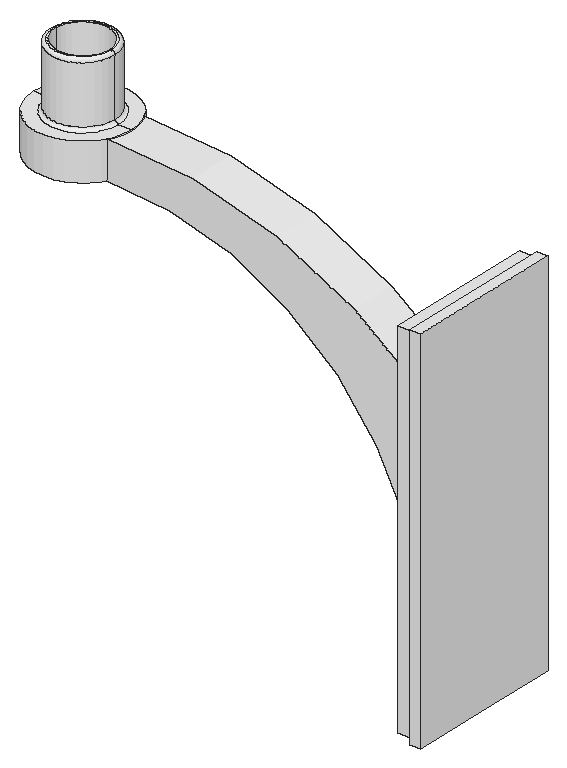
Revit family "WM10", category Generic Models, Revit 2017
Family settings
  Can host rebar = No
  Round Connector Dimension = Use Diameter
  Part Type = Normal
  Work Plane-Based = No
  Always vertical = Yes
  Cut with Voids When Loaded = No
  Shared = No
  Room Calculation Point = No
Parameters
  WM10 = Aluminum
Reference planes (in)
  plane 1 "Center (Front/Back)": y = 0
  plane 2: z = 0
  plane 3 "Center (Left/Right)": x = 0
Forms (in)
  Revolve 1, solid, material "Aluminum" <- "WM10"
    sketch origin (-13.03181, 0, 0) x (1, 0, 0) y (0, 0, 1)
      loop
        arc (4.89306, 20.98437) -> (4.85645, 20.89598) -> (4.76806, 20.85937) r 0.125
        line (4.76806, 20.85937) -> (4.26806, 20.85937) -> (4.26806, 19.48437) -> (4.76806, 19.48437)
        arc (4.76806, 19.48437) -> (4.85645, 19.44776) -> (4.89306, 19.35937) r 0.125
        line (4.89306, 19.35937) -> (4.89306, 19.23437)
        arc (4.89306, 19.23437) -> (4.92967, 19.14598) -> (5.01806, 19.10937) r 0.125
        line (5.01806, 19.10937) -> (6.08056, 19.10937) -> (6.08056, 19.29687) -> (5.07425, 19.29687)
        arc (5.07425, 19.29687) -> (5.01012, 19.55701) -> (4.76806, 19.67187) r 0.3125
        line (4.76806, 19.67187) -> (4.45556, 19.67187) -> (4.45556, 20.67187) -> (4.76806, 20.67187)
        arc (4.76806, 20.67187) -> (4.98903, 20.7634) -> (5.08056, 20.98437) r 0.3125
        line (5.08056, 20.98437) -> (5.08056, 23.23437) -> (5.01806, 23.23437)
        arc (5.01806, 23.23437) -> (4.92967, 23.19776) -> (4.89306, 23.10937) r 0.125
        line (4.89306, 23.10937) -> (4.89306, 20.98437)
      axis (6.08056, 23.23437) -> (6.08056, 19.10937)
    angle from 0 to 360
  Extrusion 2, solid, material "Aluminum" <- "WM10"
    sketch origin (-13.03181, 0, 0) x (1, 0, 0) y (0, 0, 1)
      loop
        line (7.65537, 20.85365) -> (7.65537, 19.47916)
        arc (7.65537, 19.47916) -> (15.32818, 16.84736) -> (19.32256, 9.7874) r 11.42988
        arc (19.32256, 9.7874) -> (19.34363, 9.74944) -> (19.38434, 9.73437) r 0.0625
        line (19.38434, 9.73437) -> (19.58056, 9.73437)
        arc (19.58056, 9.73437) -> (19.66895, 9.69776) -> (19.70556, 9.60937) r 0.125
        line (19.70556, 9.60937) -> (19.70556, 16.59378)
        arc (19.70556, 16.59378) -> (19.57847, 16.44641) -> (19.38705, 16.48148) r 0.19577
        arc (19.38705, 16.48148) -> (13.9507, 19.81999) -> (7.65537, 20.85365) r 16.54649
    from -0.875 to 0.875
  Extrusion 3, solid, material "Aluminum" <- "WM10"
    sketch origin (-13.90681, 0, -0.38279) x (1, 0, 0) y (0, 0, 1)
      loop
        line (20.58056, 18.35937) -> (20.58056, 13.48437) -> (20.58056, 8.60937) -> (20.79556, 8.60937) -> (20.79556, 13.48437) -> (20.79556, 18.35937) -> (20.58056, 18.35937)
    from -1.25 to 1.25
  Extrusion 4, solid, material "Aluminum" <- "WM10"
    sketch origin (19.51499, 34.6368, -0.38279) x (0, -1, 0) y (0, 0, 1)
      loop
        line (31.6993, 20.35937) -> (31.6993, 6.60937) -> (34.6368, 6.60937) -> (37.5743, 6.60937) -> (37.5743, 20.35937) -> (31.6993, 20.35937)
    from 11.62624 to 12.00124
  Extrusion 5, solid, material "Aluminum" <- "WM10"
    sketch origin (-13.90681, 0, -0.38279) x (1, 0, 0) y (0, 0, 1)
      loop
        line (20.85806, 20.22576) -> (20.85806, 6.74298) -> (21.42056, 6.74298) -> (21.42056, 20.22576) -> (20.85806, 20.22576)
    from -2.8125 to 2.8125
  Extrusion 6, solid, material "Aluminum" <- "WM10"
    sketch origin (-13.91719, 0, -0.38279) x (1, 0, 0) y (0, 0, 1)
      loop
        line (20.86844, 19.98437) -> (20.80594, 19.98437) -> (20.80594, 6.98437) -> (20.86844, 6.98437) -> (20.86844, 19.98437)
    from -2.5625 to 2.5625
Dimensions and locks (in)
  aligned and locked: plane 2 to level
